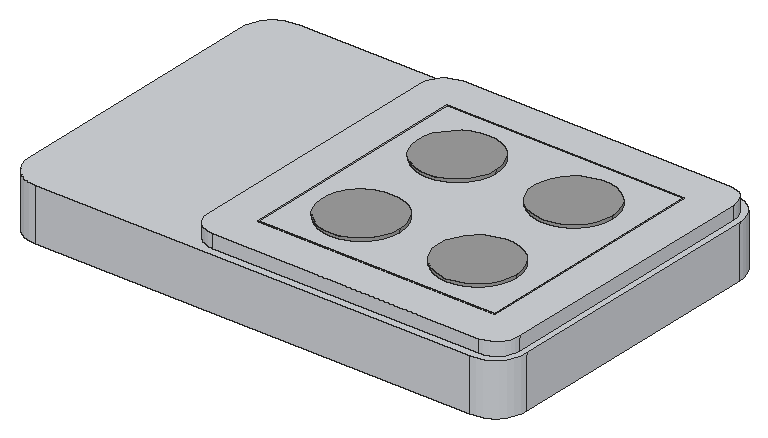
Revit family "Lighting-Industriale-GEWISS-SMART[4]HLO_APPARECCHI-LED_EMERGENZA_1M", category Apparecchi per illuminazione, Revit 2019
Family settings
  Quota connettore circolare = Usa diametro
  Tipo di parte = Normale
  Numero OmniClass = 23.80.00.00
  Titolo OmniClass = Electric Power and Lighting
  Basato su piano di lavoro = Sì
  Sempre verticale = No
  Taglio con vuoti quando caricato = No
  Sorgente d'illuminazione = No
  Condiviso = No
  Punto di calcolo locali = No
Parameters (values of type "GWS4124BQ857 - SMART4LB 1M EMERG.HLO ELL.57K")
  Voltaggio = 230 V
  Viti esterne = "Acciaio inox"
  Vetro acceso = Lampada accesa
  Versione file RFA = "20.11"
  Vano di alimentazione = "Integrato"
  URL = "https://www.gewiss.com/it/it"
  Tolleranza cromatica = "SDCM = 3"
  Tipologia sorgente luminosa = "LED - Non sostituibile"
  Tipo di installazione e montaggio = "Plafone - Sospensione"
  Tipo di apparecchio = "Riflettore industriale a LED&nbsp;"
  Tensione di alimentazione = "220 - 240 V"
  Temperatura di stoccaggio = "-40 +70 °C"
  Temperatura di esercizio = "0 ÷ +40 °C"
  Temperatura di colore = "5700K"
  Superficie massima esposta al vento : = "0,140 m²"
  Spostamento_Y_etichetta [instance] = 0 mm
  Spostamento_Y_effettivo_etichetta [instance] = 1500 mm - Spostamento_Y_etichetta  # 1500 mm
  Spostamento_X_etichetta [instance] = 0 mm
  Spostamento_X_effettivo_etichetta [instance] = 1500 mm - Spostamento_X_etichetta  # 1500 mm
  SostituibilitÃ  piastra di cablaggio = "Solo batteria NiMh"
  SostituibilitÃ  gruppo ottico = "Non sostituibile"
  Sistema di controllo = "1 x DALI DT6 + 1 x DALI DT1 (Emerg. 3h)"
  Schermo = "Vetro Temprato Spessore 4mm"
  Scheda Tecnica = "https://www.gewiss.com/it/it/search?q=GWS4124BQ857"
  Resistenza al filo incandescente = "850 °C"
  Resistenza agli urti = "IK08"
  Produttore = "GEWISS S.p.A."
  Potenza assorbita : = "64 W (+5W Emerg.)"
  Peso (kg): = "5"
  Ottica = "Ellittica"
  Offset etichetta W [instance] = 120 mm
  Norma di riferimento = "EN 60598-2-22 ; EN 60598-1 ; EN 60598-2-24"
  Modello = "GWS4124BQ857"
  Materiali = "-"
  Lampada = "LED"
  Installazione e manutenzione = "-"
  Informazioni generali = "-"
  Indice di resa cromatica = "CRI-80"
  Inclinazione = "-"
  Immagine tipo = GWL1071.jpg
  IPEA = "-"
  IFC.TypeObject = ""
  IFC.ExportType = ""
  IFC.ExportAs = ""
  IDT = "dbfa2a0d0d304b5c9c716a8a975efb61"
  IDF = "8dc7f14d-976c-4b7f-be5c-8ef1cd52bafa"
  Guarnizioni = "tipo siliconico antinvecchiamento "
  Gruppo ottico = "Riflettore in PC metallizzato e lenti in PMMA"
  Grado di protezione = "IP65"
  Garanzia = "5 anni"
  Gancio di chiusura = "-"
  Frequenza nominale (Hz) = "50/60 Hz"
  Flusso luminoso apparecchio (lm) = "8200 (750 Emerg.)"
  Fissaggio = "-"
  Finitura colore = "Grigio RAL 7035"
  Etichetta wattaggio [instance] = yes
  Default Elevation = 1219.2 mm
  Trasformatore = none
  Spessore plafoniera = 40 mm  # constant formula
  Proiettsmart [instance] = yes
  Raggio led = 30 mm  # constant formula
  Plafoniera = none
  Efficienza luminosa (lm/W) = "119"
  Durata di vita = "L90B10 (Tq+25°C) = 100.000 h - L90B10 (Tq+50°C) = 50.000 h"
  Dispositivo di protezione = "DM 6 kV / CM 10 kV"
  Descrizione = "SMART[4]LB 1M EMERG.HLO ELL.57K"
  Creato da GEWISS S.p.A. = ""
  Corpo = "PA6 “Halogen Free” caricato fibra vetro"
  Controllo abbagliamento e luminanza = "-"
  Contesto = "Illuminazione di logistiche e locali produttivi industriali"
  Commenti sul wattaggio = "50W"
  Colore = "Grigio RAL 7035"
  Codice digitale univoco (Datamatrix) = "Datamatrix"
  Codice Electrocod = "2444"
  Classificazione: = "-"
  Classificazione = Lighting
  Classe isolamento = "I"
  Classe fotobiologica = "RG0"
  Certificazioni e classificazioni = "-"
  Certificazione DIN 18032-3 = "-"
  Catalogo = "LIGHTING"
  Carico apparente = 50 VA
  Motore = none
  Lunghezza = 383 mm  # constant formula
  Larghezza = 253 mm  # constant formula
  Distanza tot_plafoniera = 74 mm  # constant formula
  Dettaglio bidimensionale attivo [instance] = not(Proiettsmart)  # no
  Caratteristiche ottiche e illuminotecniche = "-"
  Caratteristiche elettriche e gestione della luce = "-"
  Cablaggio = "Con connettore stagno Gw connect"
  COBie.Tagnumber = ""
  COBie.CreatedOn = ""
  COBie.CreatebBy = ""
  COBie.ComponentRegisterItemID = ""
  COBie.Component.TagNumber = ""
  COBie.Component.Space = ""
  COBie.Component.SerialNumber = ""
  COBie.Component.InstallationDate = ""
  COBie.Component.Description = ""
  COBie.Component.BarCode = ""
  Applicazione = "Interno"
  Apparecchio a ridotta temperatura superficiale = "Si"
  Alimentatore = "Incluso"
Types (18, lengths in mm): name | Temperatura di colore | Scheda Tecnica | Ottica | Modello | IDT | Gruppo ottico | Flusso luminoso apparecchio (lm) | Efficienza luminosa (lm/W) | Descrizione | Controllo abbagliamento e luminanza
  GWS4124BF830 - SMART4LB 1M EMERG.HLO 30° 30K | "3000K" | "https://www.gewiss.com/it/it/search?q=GWS4124BF830" | "30°" | "GWS4124BF830" | "e205929dcc0942f0948c83918083207d" | "Riflettore in PC metallizzato e lenti in PMMA" | "8600 (810 Emerg.)" | "125" | "SMART[4]LB 1M EMERG.HLO 30° 30K" | "UGR - 22"
  GWS4124BF840 - SMART4LB 1M EMERG.HLO 30° 40K | "4000K" | "https://www.gewiss.com/it/it/search?q=GWS4124BF840" | "30°" | "GWS4124BF840" | "50c70a4f6ced45178af18676ac75613b" | "Riflettore in PC metallizzato e lenti in PMMA" | "9000 (850 Emerg.)" | "130" | "SMART[4]LB 1M EMERG.HLO 30° 40K" | "UGR - 22"
  GWS4124BF857 - SMART4LB 1M EMERG.HLO 30° 57K | "5700K" | "https://www.gewiss.com/it/it/search?q=GWS4124BF857" | "30°" | "GWS4124BF857" | "eaefd258a6de4ada8ffe52c209b637a5" | "Riflettore in PC metallizzato e lenti in PMMA" | "9000 (850 Emerg.)" | "130" | "SMART[4]LB 1M EMERG.HLO 30° 57K" | "UGR - 22"
  GWS4124BH830 - SMART4LB 1M EMERG.HLO 60° 30K | "3000K" | "https://www.gewiss.com/it/it/search?q=GWS4124BH830" | "60°" | "GWS4124BH830" | "8f460ce9c878498e94068a4f8f24146c" | "Riflettore in PC metallizzato e lenti in PMMA" | "8700 (810 Emerg.)" | "126" | "SMART[4]LB 1M EMERG.HLO 60° 30K" | "UGR - 25"
  GWS4124BH840 - SMART4LB 1M EMERG.HLO 60° 40K | "4000K" | "https://www.gewiss.com/it/it/search?q=GWS4124BH840" | "60°" | "GWS4124BH840" | "0d9c0454ef2b4150b3992b9f1e1f582d" | "Riflettore in PC metallizzato e lenti in PMMA" | "9200 (850 Emerg.)" | "133" | "SMART[4]LB 1M EMERG.HLO 60° 40K" | "UGR - 25"
  GWS4124BH857 - SMART4LB 1M EMERG.HLO 60° 57K | "5700K" | "https://www.gewiss.com/it/it/search?q=GWS4124BH857" | "60°" | "GWS4124BH857" | "45183929ce5d40188923b628645333b9" | "Riflettore in PC metallizzato e lenti in PMMA" | "9200 (850 Emerg.)" | "133" | "SMART[4]LB 1M EMERG.HLO 60° 57K" | "UGR - 25"
  GWS4124BP830 - SMART4LB 1M EMERG.HLO 90° 30K | "3000K" | "https://www.gewiss.com/it/it/search?q=GWS4124BP830" | "90°" | "GWS4124BP830" | "1f58021f66fe4c0a913365584fa01fac" | "Riflettore in PC metallizzato e lenti in PMMA" | "8800 (810 Emerg.)" | "128" | "SMART[4]LB 1M EMERG.HLO 90° 30K" | "UGR - 25"
  GWS4124BP840 - SMART4LB 1M EMERG.HLO 90° 40K | "4000K" | "https://www.gewiss.com/it/it/search?q=GWS4124BP840" | "90°" | "GWS4124BP840" | "f230a29887d44ff6a24ba23e0b25953c" | "Riflettore in PC metallizzato e lenti in PMMA" | "9200 (850 Emerg.)" | "133" | "SMART[4]LB 1M EMERG.HLO 90° 40K" | "UGR - 25"
  GWS4124BP857 - SMART4LB 1M EMERG.HLO 90° 57K | "5700K" | "https://www.gewiss.com/it/it/search?q=GWS4124BP857" | "90°" | "GWS4124BP857" | "8c7582153b8340768561bde774a283c2" | "Riflettore in PC metallizzato e lenti in PMMA" | "9200 (850 Emerg.)" | "133" | "SMART[4]LB 1M EMERG.HLO 90° 57K" | "UGR - 25"
  GWS4124BA830 - SMART4LB 1M EMERG.HLO ARR.30K | "3000K" | "https://www.gewiss.com/it/it/search?q=GWS4124BA830" | "Array" | "GWS4124BA830" | "a9e737c2c90942b2a42787b32f029eee" | "Riflettore in PC metallizzato" | "8700 (810 Emerg.)" | "126" | "SMART[4]LB 1M EMERG.HLO ARR.30K" | "-"
  GWS4124BA840 - SMART4LB 1M EMERG.HLO ARR.40K | "4000K" | "https://www.gewiss.com/it/it/search?q=GWS4124BA840" | "Array" | "GWS4124BA840" | "5fcdeda18b154df5888a3abc2dd82e59" | "Riflettore in PC metallizzato" | "9200 (850 Emerg.)" | "133" | "SMART[4]LB 1M EMERG.HLO ARR.40K" | "-"
  GWS4124BA857 - SMART4LB 1M EMERG.HLO ARR.57K | "5700K" | "https://www.gewiss.com/it/it/search?q=GWS4124BA857" | "Array" | "GWS4124BA857" | "7539967e01304e10974998ac2e44caef" | "Riflettore in PC metallizzato" | "9200 (850 Emerg.)" | "133" | "SMART[4]LB 1M EMERG.HLO ARR.57K" | "-"
  GWS4124BC830 - SMART4LB 1M EMERG.HLO ASI.30K | "3000K" | "https://www.gewiss.com/it/it/search?q=GWS4124BC830" | "Asimmetrica" | "GWS4124BC830" | "867985a0557a4644bbea3083425d13cd" | "Riflettore in PC metallizzato e lenti in PMMA" | "7800 (710 Emerg.)" | "113" | "SMART[4]LB 1M EMERG.HLO ASI.30K" | "-"
  GWS4124BC840 - SMART4LB 1M EMERG.HLO ASI.40K | "4000K" | "https://www.gewiss.com/it/it/search?q=GWS4124BC840" | "Asimmetrica" | "GWS4124BC840" | "4f17814d36d34125acb8437cb6e70089" | "Riflettore in PC metallizzato e lenti in PMMA" | "8200 (750 Emerg.)" | "119" | "SMART[4]LB 1M EMERG.HLO ASI.40K" | "-"
  GWS4124BC857 - SMART4LB 1M EMERG.HLO ASI.57K | "5700K" | "https://www.gewiss.com/it/it/search?q=GWS4124BC857" | "Asimmetrica" | "GWS4124BC857" | "af51b0fe7bc54008a903239c2b5b1486" | "Riflettore in PC metallizzato e lenti in PMMA" | "8200 (750 Emerg.)" | "119" | "SMART[4]LB 1M EMERG.HLO ASI.57K" | "-"
  GWS4124BQ830 - SMART4LB 1M EMERG.HLO ELL.30K | "3000K" | "https://www.gewiss.com/it/it/search?q=GWS4124BQ830" | "Ellittica" | "GWS4124BQ830" | "f643dad9f91749da9e4b49a320c6560a" | "Riflettore in PC metallizzato e lenti in PMMA" | "7800 (710 Emerg.)" | "113" | "SMART[4]LB 1M EMERG.HLO ELL.30K" | "-"
  GWS4124BQ840 - SMART4LB 1M EMERG.HLO ELL.40K | "4000K" | "https://www.gewiss.com/it/it/search?q=GWS4124BQ840" | "Ellittica" | "GWS4124BQ840" | "8f78bef3880e4649b64ecbe1be2c7766" | "Riflettore in PC metallizzato e lenti in PMMA" | "8200 (750 Emerg.)" | "119" | "SMART[4]LB 1M EMERG.HLO ELL.40K" | "-"
  GWS4124BQ857 - SMART4LB 1M EMERG.HLO ELL.57K | "5700K" | "https://www.gewiss.com/it/it/search?q=GWS4124BQ857" | "Ellittica" | "GWS4124BQ857" | "dbfa2a0d0d304b5c9c716a8a975efb61" | "Riflettore in PC metallizzato e lenti in PMMA" | "8200 (750 Emerg.)" | "119" | "SMART[4]LB 1M EMERG.HLO ELL.57K" | "-"
Reference planes
  plane 1 "Centro (Fronte/Retro)": y = 0
  plane 2: z = 0
  plane 3 "Centro (Sinistra/Destra)": x = 0
  plane 4: x = -191.5
  plane 5: y = 126.5
  plane 6: x = 191.5
  plane 7: y = -126.5
  plane 8: z = -74
  plane 9: x = -175.5
  plane 10: y = -110.5
  plane 11: y = 110.5
  plane 12: x = -60.5
  plane 13: y = 121.5
  plane 14: x = 186.5
  plane 15: y = -120
  plane 16: z = 74
  plane 17: z = 84
  plane 18: z = 86
  plane 19: x = -1500
  plane 20: y = -1500
  plane 21: x = 0
  plane 22: y = 0
Dimensions and locks
  equal spacing: plane 5, plane 1 "Centro (Fronte/Retro)", plane 7
  equal spacing: plane 4, plane 3 "Centro (Sinistra/Destra)", plane 6
  "Lunghezza": plane 4 to plane 6
  "Larghezza": plane 5 to plane 7
  locked: plane 14 to plane 6 at 5
  locked: plane 5 to plane 13 at 5
  nested 3 to plane 8 = 133.058 mm
  locked: plane 4 to plane 9 at 16
  "Offset etichetta W": plane 1 "Centro (Fronte/Retro)" to plane 15
  "Distanza tot_plafoniera": plane 16 to level
  locked: plane 18 to plane 17 at 2
  plane 19 to plane 3 "Centro (Sinistra/Destra)" = 1500 mm
  plane 1 "Centro (Fronte/Retro)" to plane 20 = 1500 mm
  "Spostamento_Y_effettivo_etichetta": plane 22 to plane 20
  "Spostamento_X_effettivo_etichetta": plane 19 to plane 21
  aligned and locked: level to plane 2
  aligned and locked: plane 4 to nested 1
  aligned and locked: plane 6 to nested 1
  aligned and locked: plane 5 to nested 1
  aligned and locked: plane 7 to nested 1
  aligned and locked: plane 14 to nested 2
  aligned and locked: plane 1 "Centro (Fronte/Retro)" to nested 10
  aligned and locked: nested 3 to plane 2
  aligned and locked: plane 16 to nested 1
  aligned and locked: plane 1 "Centro (Fronte/Retro)" to nested 8
  aligned and locked: plane 1 "Centro (Fronte/Retro)" to nested 1
  aligned and locked: plane 1 "Centro (Fronte/Retro)" to nested 2
  aligned and locked: nested 2 to plane 16
  aligned and locked: nested 4 to plane 18
  aligned and locked: plane 18 to nested 6
  aligned and locked: nested 7 to plane 18
  aligned and locked: plane 18 to nested 5
  aligned and locked: nested 9 to plane 22
  aligned and locked: plane 21 to nested 9
Nested families
  nested 1: "Struttura_SMART[4] LB - 2+2 L" at (0, 0, 74), type "SMART Lab (4) 4L"
  nested 2: "mascherina_SMART (4)" at (66.5, 0, 84), type "Maschera_smart (4) 4L", detail levels medium+fine
  nested 3: "Staffa SMART LAB 4" at (65, -20, 59.058) x (0, 1, 0) z (0, 0, -1), type "Staffa SMART LAB 4", detail levels medium+fine
  nested 4: "Gewis - Led" at (20.25, 44.75, 86), type "Gewis - Led", detail levels fine
  nested 5: "Gewis - Led" at (109.75, 44.75, 86) x (-1, 0, 0) z (0, 0, 1), type "Gewis - Led", detail levels fine
  nested 6: "Gewis - Led" at (20.25, -47.75, 86), type "Gewis - Led", detail levels fine
  nested 7: "Gewis - Led" at (109.75, -47.75, 86) x (-1, 0, 0) z (0, 0, 1), type "Gewis - Led", detail levels fine
  nested 8: "Rappr_bidimensionale_SMART[4] LB 4L" at (40, 0, 0), visible <- "Dettaglio bidimensionale attivo", type "SMART[4] LB 4L_bidimensionalerfa"
  nested 9: "ETICHETTA LIGHT" at (0, 0, 0), visible <- "Etichetta wattaggio", type "ETICHETTA LIGHT"
  nested 10: "PROIETTSMART " at (-32.162, 0, 0), visible <- "Proiettsmart", type "PROIETTSMART "
Connectors
  electrical at (0.009, -0.098, 34), driven by "Classificazione", driven by "Carico apparente"
    settings: on nested 1, index 1, voltage 230 V, apparent load 0 VA, apparent load phase1 50 VA, apparent load phase2 0 VA, apparent load phase3 0 VA, power factor 1, load classification "Lighting", number of poles 2, system type 31, power factor state 1, is connector primary yes, connector utility no, sub classification motor no, connector description ""
Definition of nested family "Struttura_SMART[4] LB - 2+2 L"
  Parameters (values of type "SMART Lab (4) 4L")
    Struttura plafoniera = none
    Spessore_plafoniera = 40 mm
    Lunghezza = 383 mm
    Larghezza = 253 mm
  Reference planes
    plane 1 "Asse sorgente illuminazione (F/B)": y = 0
    plane 2: z = 0
    plane 3 "Asse sorgente illuminazione (L/R)": x = 0
    plane 4 "Prospetto sorgente di illuminazione": z = -40
    plane 5 "SX": x = -191.5
    plane 6 "DX": x = 191.5
    plane 7 "DIETRO": y = 126.5
    plane 8 "AVANTI": y = -126.5
    plane 9: x = -51.5
    plane 10: x = 180.5
    plane 11: y = -115.5
    plane 12: y = 115.5
    plane 13: x = -180.5
    plane 14: x = 51.5
  Forms (mm)
    Extrusion 1, solid, material <- "Struttura plafoniera"
      sketch origin (0, 0, 0) x (1, 0, 0) y (0, 1, 0)
        loop
          line (191.5, -102.095) -> (191.5, 102.09)
          arc (191.5, 102.09) -> (184.35, 119.35) -> (167.09, 126.5) r 24.41
          line (167.09, 126.5) -> (-167.009, 126.5)
          arc (-167.009, 126.5) -> (-184.554, 119.1) -> (-191.5, 101.371) r 24.499
          line (-191.5, 101.371) -> (-191.5, -102.092)
          arc (-191.5, -102.092) -> (-184.351, -119.351) -> (-167.092, -126.5) r 24.408
          line (-167.092, -126.5) -> (167.117, -126.5)
          arc (167.117, -126.5) -> (184.334, -119.368) -> (191.465, -102.152) r 24.348
      from -40 to 0
  Dimensions and locks
    equal spacing: plane 5 "SX", plane 3 "Asse sorgente illuminazione (L/R)", plane 6 "DX"
    equal spacing: plane 7 "DIETRO", plane 1 "Asse sorgente illuminazione (F/B)", plane 8 "AVANTI"
    "Lunghezza": plane 5 "SX" to plane 6 "DX"
    "Larghezza": plane 7 "DIETRO" to plane 8 "AVANTI"
    locked: plane 7 "DIETRO" to plane 12 at 11
    locked: plane 11 to plane 8 "AVANTI" at 11
    locked: plane 10 to plane 6 "DX" at 11
    locked: plane 9 to plane 10 at 232
    plane 13 to plane 14 = 232 mm
    locked: plane 5 "SX" to plane 13 at 11
    "Spessore_plafoniera": plane 2 to plane 4 "Prospetto sorgente di illuminazione"
    aligned and locked: level to plane 2
    aligned and locked: Extrusion 1 to plane 5 "SX"
    aligned and locked: Extrusion 1 to plane 8 "AVANTI"  (x2)
    aligned and locked: plane 7 "DIETRO" to Extrusion 1
    aligned and locked: plane 6 "DX" to Extrusion 1
    aligned and locked: plane 4 "Prospetto sorgente di illuminazione" to Extrusion 1
    aligned and locked: plane 2 to Extrusion 1
  Automatic sketch dimensions
    Extrusion 1 sketch curve to plane 5 "SX" = 0 mm
    Extrusion 1 sketch curve to plane 8 "AVANTI" = 0 mm
    Extrusion 1 sketch curve to plane 7 "DIETRO" = 0 mm
    Extrusion 1 sketch curve to plane 6 "DX" = 0 mm
    plane 13 to Extrusion 1 sketch curve = 13.408 mm
    plane 13 to Extrusion 1 sketch curve = 13.491 mm
    Extrusion 1 sketch curve to plane 10 = 13.41 mm
    Extrusion 1 sketch curve to plane 10 = 13.383 mm
    plane 11 to Extrusion 1 sketch curve = 13.348 mm
    Extrusion 1 sketch curve to plane 12 = 14.129 mm
    Extrusion 1 sketch curve to Extrusion 1 sketch curve = 0.056 mm
Definition of nested family "mascherina_SMART (4)"
  Parameters (values of type "Maschera_smart (4) 4L")
    Spessore_mascherina = 10 mm
    Default Elevation = 1219.2 mm
    N.intarsi = (Lunghezza_mascherina - (Bordo * 2)) / 15 mm  # 12
    N._intarsi verticale = (Larghezza_mascherina - (Bordo * 2)) / 17 mm  # 11
    Mascherina = none
    Lunghezza_mascherina = 240 mm
    Larghezza_mascherina = 240 mm
    Distanza_intarsi v. = 41 mm  # constant formula
    Distanza_intarsi = 37 mm  # constant formula
    Bordo = 29 mm
  Reference planes
    plane 1 "Centro (Fronte/Retro)": y = 0
    plane 2: z = 0
    plane 3 "Centro (Sinistra/Destra)": x = 0
    plane 4: x = -120
    plane 5 "Dietro": y = 120
    plane 6: x = 120
    plane 7: y = -120
    plane 8: x = -91
    plane 9: y = -91
    plane 10: x = 91
    plane 11: y = 91
    plane 12: x = -83
    plane 13: y = 94.742
    plane 14: y = -95
    plane 15: z = -10
    plane 16: x = -95
    plane 17: y = 79
    plane 18: y = -79
    plane 19: x = 95
    plane 20: z = -4.799
  Forms (mm)
    Extrusion 1, solid, material <- "Mascherina"
      sketch origin (0, 0, 0) x (1, 0, 0) y (0, 1, 0)
        loop
          arc (-102.5, 120) -> (-114.874, 114.874) -> (-120, 102.5) r 17.5
          line (-120, 102.5) -> (-120, -102.5)
          arc (-120, -102.5) -> (-114.874, -114.874) -> (-102.5, -120) r 17.5
          line (-102.5, -120) -> (102.5, -120)
          arc (102.5, -120) -> (114.874, -114.874) -> (120, -102.5) r 17.5
          line (120, -102.5) -> (120, 102.5)
          arc (120, 102.5) -> (114.874, 114.874) -> (102.5, 120) r 17.5
          line (102.5, 120) -> (-102.5, 120)
        loop
          line (-91, 91) -> (-91, -91) -> (91, -91) -> (91, 91) -> (-91, 91)
      from -10 to 0
    Extrusion 2, solid, material <- "Mascherina"
      sketch origin (0, 0, 0) x (1, 0, 0) y (0, 1, 0)
        loop
          line (-91, 91) -> (-91, -91) -> (91, -91) -> (91, 91) -> (-91, 91)
      from -4.799 to 0
  Dimensions and locks
    equal spacing: plane 4, plane 3 "Centro (Sinistra/Destra)", plane 6
    "Lunghezza_mascherina": plane 4 to plane 6
    equal spacing: plane 5 "Dietro", plane 1 "Centro (Fronte/Retro)", plane 7
    "Larghezza_mascherina": plane 5 "Dietro" to plane 7
    "Bordo": plane 4 to plane 8
    "Bordo": plane 9 to plane 7
    "Bordo": plane 5 "Dietro" to plane 11
    "Bordo": plane 10 to plane 6
    "Distanza_intarsi": plane 4 to plane 12
    locked: plane 13 to plane 11 at 3.742
    "Spessore_mascherina": plane 2 to plane 15
    "Distanza_intarsi v.": plane 5 "Dietro" to plane 17
    "Distanza_intarsi v.": plane 18 to plane 7
    locked: plane 9 to plane 14 at 4
    locked: plane 16 to plane 8 at 4
    locked: plane 10 to plane 19 at 4
    locked: plane 2 to plane 20 at 4.799
    radius of Extrusion 1 sketch curve = 17.5 mm  (x4)
    aligned and locked: level to plane 2
    aligned and locked: plane 4 to Extrusion 1 sketch curve
    aligned and locked: plane 6 to Extrusion 1 sketch curve
    aligned and locked: Extrusion 1 sketch curve to plane 5 "Dietro"
    aligned and locked: Extrusion 1 sketch curve to plane 7
    aligned and locked: Extrusion 1 sketch curve to plane 11
    aligned and locked: plane 8 to Extrusion 1 sketch curve
    aligned and locked: plane 9 to Extrusion 1 sketch curve
    aligned and locked: Extrusion 1 sketch curve to plane 10
    aligned and locked: plane 2 to Extrusion 1
    aligned and locked: Extrusion 1 to plane 15
    aligned and locked: Extrusion 2 sketch curve to plane 10
    aligned and locked: plane 9 to Extrusion 2 sketch curve
    aligned and locked: plane 8 to Extrusion 2 sketch curve
    aligned and locked: Extrusion 2 sketch curve to plane 11
    aligned and locked: plane 2 to Extrusion 2
    aligned and locked: Extrusion 2 to plane 20
Definition of nested family "Staffa SMART LAB 4"
  Parameters (values of type "Staffa SMART LAB 4")
    Staffa = none
    Default Elevation = 1219.2 mm
  Reference planes
    plane 1 "Centro (Fronte/Retro)": y = 0
    plane 2: z = 0
    plane 3 "Centro (Sinistra/Destra)": x = 0
    plane 4: y = 25
    plane 5: y = -25
    plane 6: x = -480
    plane 7: x = 480
    plane 8: z = 340
  Forms (mm)
    Extrusion 1, solid, material <- "Staffa"
      sketch origin (-19.427, 0, 0) x (1, 0, 0) y (0, 0, 1)
        loop
          line (-52.112, 0) -> (-51.312, 0) -> (-51.312, 5.038) -> (-51.312, 7.679) -> (-48.064, 11.553) -> (-48.309, 20.832)
          arc (-48.309, 20.832) -> (-48.108, 21.384) -> (-47.585, 21.651) r 0.801
          line (-47.585, 21.651) -> (-46.541, 21.744)
          arc (-46.541, 21.744) -> (-45.388, 22.346) -> (-44.998, 23.587) r 1.701
          line (-44.998, 23.587) -> (-45.225, 26.168) -> (-47.881, 28.39) -> (-47.881, 32.971) -> (-23.475, 58.058) -> (62.329, 58.058) -> (86.735, 32.971) -> (86.735, 28.39) -> (84.08, 26.168) -> (83.852, 23.587)
          arc (83.852, 23.587) -> (84.243, 22.346) -> (85.396, 21.744) r 1.701
          line (85.396, 21.744) -> (86.439, 21.651)
          arc (86.439, 21.651) -> (86.963, 21.384) -> (87.163, 20.832) r 0.801
          line (87.163, 20.832) -> (86.919, 11.553) -> (90.167, 7.679) -> (90.167, 5.038) -> (90.167, 0) -> (90.967, 0) -> (90.967, 5.038) -> (90.967, 7.979) -> (87.921, 11.618) -> (88.163, 20.806)
          arc (88.163, 20.806) -> (87.71, 22.048) -> (86.531, 22.647) r 1.801
          line (86.531, 22.647) -> (85.484, 22.74)
          arc (85.484, 22.74) -> (85.009, 22.988) -> (84.849, 23.499) r 0.701
          line (84.849, 23.499) -> (85.039, 25.667) -> (87.735, 27.923) -> (87.735, 32.876) -> (86.947, 34.187) -> (62.751, 59.058) -> (-23.897, 59.058) -> (-48.093, 34.187) -> (-48.881, 32.876) -> (-48.881, 27.923) -> (-46.185, 25.667) -> (-45.994, 23.499)
          arc (-45.994, 23.499) -> (-46.155, 22.988) -> (-46.63, 22.74) r 0.701
          line (-46.63, 22.74) -> (-47.676, 22.647)
          arc (-47.676, 22.647) -> (-48.856, 22.048) -> (-49.308, 20.806) r 1.801
          line (-49.308, 20.806) -> (-49.066, 11.618) -> (-52.112, 7.979) -> (-52.112, 5.038) -> (-52.112, 0)
      from -25 to 25
  Dimensions and locks
    equal spacing: plane 6, plane 3 "Centro (Sinistra/Destra)", plane 7
    equal spacing: plane 4, plane 1 "Centro (Fronte/Retro)", plane 5
    plane 4 to plane 5 = 50 mm
    plane 6 to plane 7 = 960 mm
    aligned and locked: level to plane 2
    aligned and locked: plane 4 to Extrusion 1
    aligned and locked: Extrusion 1 to plane 5
  Automatic sketch dimensions
    Extrusion 1 sketch curve to Extrusion 1 sketch curve = 0 mm  (x10)
    Extrusion 1 sketch curve to level = 0 mm  (x2)
    level to Extrusion 1 sketch curve = 5.038 mm
    Extrusion 1 sketch curve to plane 3 "Centro (Sinistra/Destra)" = 71.54 mm
    Extrusion 1 sketch curve to Extrusion 1 sketch curve = 0.8 mm  (x2)
    level to Extrusion 1 sketch curve = 20.806 mm  (x2)
    Extrusion 1 sketch curve to Extrusion 1 sketch curve = 2.804 mm
    level to Extrusion 1 sketch curve = 11.618 mm  (x2)
    Extrusion 1 sketch curve to Extrusion 1 sketch curve = 2.246 mm  (x2)
    Extrusion 1 sketch curve to Extrusion 1 sketch curve = 0.428 mm
    level to Extrusion 1 sketch curve = 20.832 mm  (x2)
    Extrusion 1 sketch curve to Extrusion 1 sketch curve = 1 mm  (x4)
    Extrusion 1 sketch curve to Extrusion 1 sketch curve = 0.788 mm
    level to Extrusion 1 sketch curve = 11.553 mm  (x2)
    Extrusion 1 sketch curve to Extrusion 1 sketch curve = 1.002 mm  (x2)
    level to Extrusion 1 sketch curve = 22.647 mm  (x2)
    Extrusion 1 sketch curve to Extrusion 1 sketch curve = 0.632 mm
    level to Extrusion 1 sketch curve = 21.651 mm  (x2)
    Extrusion 1 sketch curve to Extrusion 1 sketch curve = 0.092 mm  (x2)
    Extrusion 1 sketch curve to Extrusion 1 sketch curve = 0.984 mm
    level to Extrusion 1 sketch curve = 22.74 mm  (x2)
    Extrusion 1 sketch curve to Extrusion 1 sketch curve = 0.062 mm
    level to Extrusion 1 sketch curve = 21.744 mm  (x2)
    Extrusion 1 sketch curve to Extrusion 1 sketch curve = 0.088 mm
    Extrusion 1 sketch curve to Extrusion 1 sketch curve = 0.507 mm
    level to Extrusion 1 sketch curve = 23.499 mm  (x2)
    Extrusion 1 sketch curve to Extrusion 1 sketch curve = 0.698 mm  (x2)
    Extrusion 1 sketch curve to Extrusion 1 sketch curve = 0.96 mm  (x2)
    level to Extrusion 1 sketch curve = 23.587 mm  (x2)
    Extrusion 1 sketch curve to plane 3 "Centro (Sinistra/Destra)" = 43.324 mm
    Extrusion 1 sketch curve to Extrusion 1 sketch curve = 0.422 mm  (x2)
    plane 3 "Centro (Sinistra/Destra)" to Extrusion 1 sketch curve = 42.902 mm
    Extrusion 1 sketch curve to Extrusion 1 sketch curve = 21.523 mm
    level to Extrusion 1 sketch curve = 26.168 mm
    Extrusion 1 sketch curve to Extrusion 1 sketch curve = 0.227 mm
    Extrusion 1 sketch curve to Extrusion 1 sketch curve = 0.996 mm
    level to Extrusion 1 sketch curve = 25.667 mm
    Extrusion 1 sketch curve to Extrusion 1 sketch curve = 0.548 mm
    Extrusion 1 sketch curve to Extrusion 1 sketch curve = 0.966 mm
    Extrusion 1 sketch curve to Extrusion 1 sketch curve = 0.077 mm
    level to Extrusion 1 sketch curve = 28.39 mm
    Extrusion 1 sketch curve to Extrusion 1 sketch curve = 1.696 mm
    Extrusion 1 sketch curve to Extrusion 1 sketch curve = 0.557 mm
    level to Extrusion 1 sketch curve = 34.187 mm
    Extrusion 1 sketch curve to Extrusion 1 sketch curve = 0.212 mm
    Extrusion 1 sketch curve to Extrusion 1 sketch curve = 0.801 mm
    level to Extrusion 1 sketch curve = 7.679 mm
    Extrusion 1 sketch curve to Extrusion 1 sketch curve = 2.641 mm  (x2)
    Extrusion 1 sketch curve to Extrusion 1 sketch curve = 0.3 mm  (x2)
    Extrusion 1 sketch curve to Extrusion 1 sketch curve = 2.168 mm
    Extrusion 1 sketch curve to Extrusion 1 sketch curve = 0.501 mm
    Extrusion 1 sketch curve to Extrusion 1 sketch curve = 0.467 mm  (x2)
    Extrusion 1 sketch curve to Extrusion 1 sketch curve = 2.256 mm
    Extrusion 1 sketch curve to Extrusion 1 sketch curve = 4.486 mm
    Extrusion 1 sketch curve to Extrusion 1 sketch curve = 1.311 mm
    Extrusion 1 sketch curve to Extrusion 1 sketch curve = 0.095 mm  (x2)
    Extrusion 1 sketch curve to Extrusion 1 sketch curve = 1.216 mm
    Extrusion 1 sketch curve to Extrusion 1 sketch curve = 23.87 mm
Definition of nested family "Gewis - Led"
  Parameters (values of type "Gewis - Led")
    Vetro = none
    Raggio led = 30 mm
    Default Elevation = 1219.2 mm
    Estensione vetro = 3 mm
  Reference planes
    plane 1 "Centro (Fronte/Retro)": y = 0
    plane 2: z = 0
    plane 3 "Centro (Sinistra/Destra)": x = 0
  Forms (mm)
    Extrusion 1, solid, material <- "Vetro"
      sketch origin (0, 0, 0) x (1, 0, 0) y (0, 1, 0)
        loop
          circle (0, 0) r 30
      from -3 to 0
  Dimensions and locks
    "Estensione vetro": level to Extrusion 1
    "Raggio led": radius of Extrusion 1 sketch curve
    aligned and locked: level to plane 2
    aligned and locked: level to Extrusion 1
  Automatic sketch dimensions
    plane 1 "Centro (Fronte/Retro)" to Extrusion 1 sketch curve = 0 mm
    Extrusion 1 sketch curve to plane 3 "Centro (Sinistra/Destra)" = 0 mm
Definition of nested family "Rappr_bidimensionale_SMART[4] LB 4L"
  Reference planes
    plane 1 "Centro (Fronte/Retro)": y = 0
    plane 2: z = 0
    plane 3 "Centro (Sinistra/Destra)": x = 0
  Lines and regions (mm)
    model lines, in view "Livello rif."
      curve 1: circle (-20.568, 47.057, 0) r 28.619 normal (0, 0, 1)
      curve 2: circle (73.432, -46.943, 0) r 28.619 normal (0, 0, 1)
      curve 3: circle (-20.568, -46.943, 0) r 28.619 normal (0, 0, 1)
      curve 4: circle (73.432, 47.057, 0) r 28.619 normal (0, 0, 1)
      curve 5: arc (-93.068, -104.009, 0) -> (-88.529, -114.969, 0) -> (-77.568, -119.509, 0) r 15.5
      curve 6: arc (145.932, 103.991, 0) -> (141.392, 114.952, 0) -> (130.432, 119.491, 0) r 15.5
      curve 7: arc (-77.568, 119.491, 0) -> (-88.529, 114.952, 0) -> (-93.068, 103.991, 0) r 15.5
      curve 8: arc (130.432, -119.509, 0) -> (141.392, -114.969, 0) -> (145.932, -104.009, 0) r 15.5
      curve 9: arc (152.721, 103.991, 0) -> (146.196, 119.749, 0) -> (130.441, 126.281, 0) r 22.29
      curve 10: arc (130.443, -126.298, 0) -> (146.197, -119.766, 0) -> (152.721, -104.009, 0) r 22.29
      curve 11: arc (-230.358, -108, 0) -> (-225, -120.942, 0) -> (-212.058, -126.298, 0) r 18.29
      curve 12: arc (-212.077, 126.281, 0) -> (-225.001, 120.924, 0) -> (-230.358, 108, 0) r 18.29
      curve 13: line (-66.068, -92.509, 0) -> (-66.068, 92.491, 0)
      curve 14: line (-66.068, 92.491, 0) -> (118.932, 92.491, 0)
      curve 15: line (118.932, 92.491, 0) -> (118.932, -92.509, 0)
      curve 16: line (118.932, -92.509, 0) -> (-66.068, -92.509, 0)
      curve 17: line (-77.568, -119.509, 0) -> (130.432, -119.509, 0)
      curve 18: line (-77.568, 119.491, 0) -> (130.432, 119.491, 0)
      curve 19: line (-93.068, 103.991, 0) -> (-93.068, -104.009, 0)
      curve 20: line (145.932, 103.991, 0) -> (145.932, -104.009, 0)
      curve 21: line (-212.077, 126.281, 0) -> (130.441, 126.281, 0)
      curve 22: line (152.721, 103.991, 0) -> (152.721, -104.009, 0)
      curve 23: line (130.443, -126.298, 0) -> (-212.058, -126.298, 0)
      curve 24: line (-230.358, -108, 0) -> (-230.358, 108, 0)
Definition of nested family "ETICHETTA LIGHT"
  Parameters (values of type "ETICHETTA LIGHT")
    COMMENTI = "53W"
  Reference planes
    plane 1: y = 0
    plane 2: x = 0
  Text (mm)
    label "COMMENTI" at (-0.057, 0.105, 0), shows "COMMENTI"
Definition of nested family "PROIETTSMART "
  Reference planes
    plane 1 "Centro (Fronte/Retro)": y = 0
    plane 2: z = 0
    plane 3 "Centro (Sinistra/Destra)": x = 0
  Lines and regions (mm)
    model lines, in view "Livello rif."
      curve 1: line (120.593, -21.515, 0) -> (77.393, -0.008, 0)
      curve 2: line (77.393, -0.008, 0) -> (120.593, 21.758, 0)
      curve 3: line (120.593, 21.758, 0) -> (120.593, -21.515, 0)
      curve 4: line (77.393, 21.629, 0) -> (77.393, -21.645, 0)
      curve 5: line (77.393, -0.008, 0) -> (52.133, -0.008, 0)
      curve 6: line (120.593, 0.122, 0) -> (139.246, 0.122, 0)
      curve 7: line (162.162, 66.747, 0) -> (162.162, -66.747, 0)
      curve 8: line (162.162, -66.747, 0) -> (-97.838, -66.747, 0)
      curve 9: line (-97.838, -66.747, 0) -> (-97.838, 66.747, 0)
      curve 10: line (-97.838, 66.747, 0) -> (162.162, 66.747, 0)
      curve 11: line (45.772, 49.667, 0) -> (145.121, 49.667, 0)
      curve 12: line (145.121, 49.667, 0) -> (145.121, -49.683, 0)
      curve 13: line (145.121, -49.683, 0) -> (45.772, -49.683, 0)
      curve 14: line (45.772, -49.683, 0) -> (45.772, 49.667, 0)
